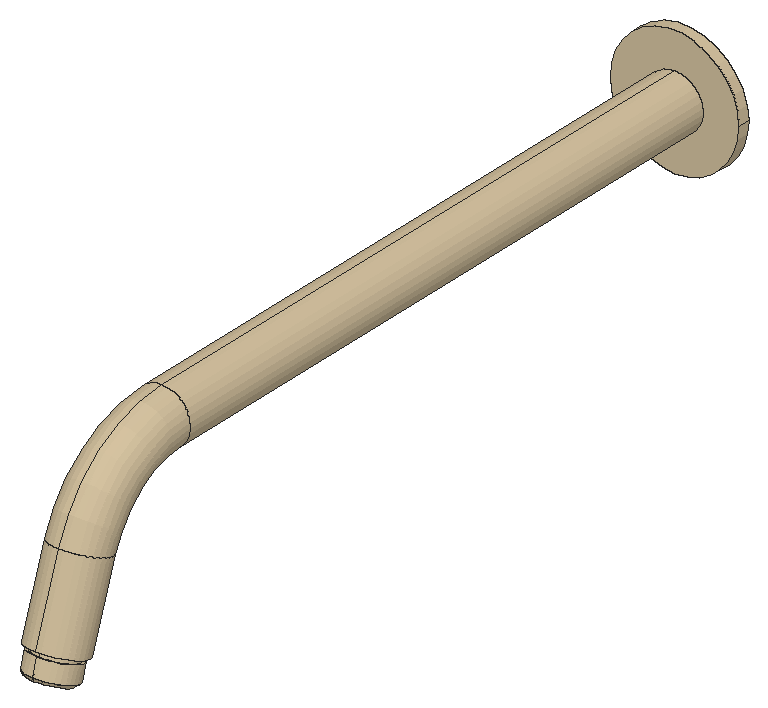
Revit family "Reece_Shower_Mizu_Drift_Shower Arm_Wall Straight", category Plumbing Fixtures, Revit 2018
Family settings
  Round Connector Dimension = Use Diameter
  Part Type = Normal
  Work Plane-Based = Yes
  Always vertical = Yes
  Cut with Voids When Loaded = Yes
  Shared = Yes
  Room Calculation Point = Yes
Parameters (values of type "Brushed Brass")
  URL = "https://www.reece.com.au/product/-9512418"
  Type Comments = "Shower"
  Reece_Shower_Inlet = 12 mm  # constant formula
  Reece_Product_Web Page = "https://www.reece.com.au/product/-9512418"
  Reece_Product_Type = "Shower"  # constant formula
  Reece_Product_Sub Brand = "Drift"  # constant formula
  Reece_Product_Number = "9512418"
  Reece_Product_Mount = "Wall Mounted"
  Reece_Product_Description = "Mizu Drift Wall Straight Shower Arm Only Brushed Brass"
  Reece_Product_Brand = "Mizu"  # constant formula
  Reece_Overall_Width = 55 mm  # constant formula
  Reece_Overall_Length = 340 mm  # constant formula
  Reece_Material_Main = Reece_Brass_Brushed
  Reece_Height_From_Level [instance] = 1200 mm
  Reece_Detail_Disclaimer = "THIS FILE IS THE PROPERTY OF THE REECE GROUP. IT MAY NOT BE REPRODUCED, REVERSE-ENGINEERED, OR MODIFIED. ANY REPUBLICATION, TRANSMISSION, OR DISTRIBUTION FOR THE PURPOSE OF COMMERCIALLY EXPLOITING THE FILES IS PROHIBITED."  # constant formula
  Reece_Detail_Additional = "Wall Straight"  # constant formula
  Model = "Drift"
  Manufacturer = "Mizu"
  Keynote = "Product #9512418, Reece_Shower_Mizu_Drift_Shower Arm_Wall Straight - Brushed Brass"
  Disclaimer = "THIS FILE IS THE PROPERTY OF THE REECE GROUP. IT MAY NOT BE REPRODUCED, REVERSE-ENGINEERED, OR MODIFIED. ANY REPUBLICATION, TRANSMISSION, OR DISTRIBUTION FOR THE PURPOSE OF COMMERCIALLY EXPLOITING THE FILES IS PROHIBITED."  # constant formula
  Description = "Mizu Drift Wall Straight Shower Arm Only Brushed Brass"
  Default Elevation = 1000 mm
Types (4, lengths in mm): name | URL | Reece_Product_Web Page | Reece_Product_Number | Reece_Product_Description | Reece_Material_Main | Keynote | Description
  Brushed Nickel | "https://www.reece.com.au/product/-9508184" | "https://www.reece.com.au/product/-9508184" | "9508184" | "Mizu Drift Wall Straight Shower Arm Only Brushed Nickel" | Reece_Brass_Brushed Nickel | "Product #9508184, Reece_Shower_Mizu_Drift_Shower Arm_Wall Straight - Brushed Nickel" | "Mizu Drift Wall Straight Shower Arm Only Brushed Nickel"
  Chrome | "https://www.reece.com.au/product/-9503826" | "https://www.reece.com.au/product/-9503826" | "9503826" | "Mizu Drift Wall Straight Shower Arm Only Chrome" | Reece_Brass_Chrome | "Product #9503826, Reece_Shower_Mizu_Drift_Shower Arm_Wall Straight - Chrome" | "Mizu Drift Wall Straight Shower Arm Only Chrome"
  Matte Black | "https://www.reece.com.au/product/-9505343" | "https://www.reece.com.au/product/-9505343" | "9505343" | "Mizu Drift Wall Straight Shower Arm Only Matte Black" | Reece_Brass_Matte Black | "Product #9505343, Reece_Shower_Mizu_Drift_Shower Arm_Wall Straight - Matte Black" | "Mizu Drift Wall Straight Shower Arm Only Matte Black"
  Brushed Brass | "https://www.reece.com.au/product/-9512418" | "https://www.reece.com.au/product/-9512418" | "9512418" | "Mizu Drift Wall Straight Shower Arm Only Brushed Brass" | Reece_Brass_Brushed | "Product #9512418, Reece_Shower_Mizu_Drift_Shower Arm_Wall Straight - Brushed Brass" | "Mizu Drift Wall Straight Shower Arm Only Brushed Brass"
Reference planes
  plane 1 "Center (Front/Back)": y = 0
  plane 2 "Height From Floor": z = 1200
  plane 3 "Center (Left/Right)": x = 0
  plane 4 "Bottom Of Invisible Line": z = -5
  plane 5: y = -340
  plane 6: x = -30
  plane 7: x = 25
Lines and regions (mm)
  model lines, style "InvisibleLines"
    curve 1: line (0, 0, -5) -> (0, 0, 1200)
Text (mm)
  text "Reece ©" at (2872.125, -2467.302, 2677.385), in view "Reece Preview"
  text "Reece ©" at (353.128, -531.372, -1020.679), in view "Ref. Level"
Dimensions and locks
  locked: level to plane 4 "Bottom Of Invisible Line" at 5
  "Reece_Height_From_Level": plane 2 "Height From Floor" to level
  "Reece_Overall_Length": plane 1 "Center (Front/Back)" to plane 5
  "Reece_Overall_Width": plane 7 to plane 6
  level to plane 2 "Height From Floor" = 1200 mm
  aligned and locked: plane 2 "Height From Floor" to curve 1
  aligned and locked: plane 4 "Bottom Of Invisible Line" to curve 1
  aligned and locked: plane 3 "Center (Left/Right)" to curve 1
  aligned and locked: nested 1 to plane 2 "Height From Floor"
Nested families
  nested 1: "Reece_Shower_Mizu_Drift_Shower Arm_Wall Straight_Nested" at (0, 0, 1200) x (1, 0, 0) z (0, -1, 0), Reece_Material_Main <- "Reece_Material_Main", type "Chrome"
    with Reece_Material_Main Reece_Brass_Brushed
Connectors
  piping at (0, 0, 1200), diameter 12, driven by "Reece_Shower_Inlet"
    settings: on nested 1, index 1, connector inside diameter 609.6 mm, connector length 0 mm, flow factor 0, pipe flow 0.0 L/s, pressure drop 0.0 Pa, fitting loss kfactor 0, connector angle 0.00°, fixture units 0, engagement length 0 mm, angle of deflection 0.00°, flow configuration 0, flow direction 1, fitting loss method 0, system type 29, joint type 0, gender type 0, connector reference index -1, connector utility 0, adjustable connector no, is connector primary yes, connector description ""
Definition of nested family "Reece_Shower_Mizu_Drift_Shower Arm_Wall Straight_Nested"
  Parameters (values of type "Chrome")
    WFU = 0  # constant formula
    Reece_Tap_Inlet = 12 mm  # constant formula
    Reece_Overall_Width = 55 mm  # constant formula
    Reece_Overall_Length = 340 mm  # constant formula
    Reece_Overall_Height = 75 mm
    Reece_Material_Main [instance] = none
    HWFU = 0  # constant formula
    Default Elevation = 1000 mm
    CWFU = 0  # constant formula
  Reference planes
    plane 1 "Center (Front/Back)": y = 0
    plane 2: z = 0
    plane 3 "Center (Left/Right)": x = 0
    plane 4: through (0, -75.198, 340.072) normal (0, -0.342, -0.9397)
    plane 5: z = 340
    plane 6: x = -27.5
    plane 7: x = 27.5
    plane 8: y = -75
  Forms (mm)
    Extrusion 1, solid
      sketch origin (619.2, -619.2, 0) x (1, 0, 0) y (0, 1, 0)
        loop
          line (-714.004, 715.618) -> (-714.004, 527.891) -> (-529.957, 527.891) -> (-529.957, 715.618) -> (-714.004, 715.618)
      from 0 to -30
    Extrusion 2, solid, material <- "Reece_Material_Main"
      sketch origin (0, 0, 0) x (1, 0, 0) y (0, 1, 0)
        loop
          circle (0, 0) r 27.5
      from 0 to 5
    Sweep 3, solid, material <- "Reece_Material_Main"
      path origin (0, 0, 0) x (0, 1, 0) y (0, 0, 1)
        loop
          line (0, 5) -> (0, 279.792)
          arc (0, 279.792) -> (-8.5, 306.751) -> (-30.925, 323.958) r 47
          line (-30.925, 323.958) -> (-65.007, 336.363)
      profile origin (0, 0, 5) x (0, -1, 0) y (1, 0, 0)
        loop
          circle (0, 0) r 12
    Revolve 4, solid, material <- "Reece_Material_Main"
      sketch origin (0, 463.398, 238.433) x (0, 0.34202, 0.939693) y (0, -0.939693, 0.34202)
        loop
          line (-88.702, 540.667) -> (-88.702, 530.033) -> (-79.62, 530.033) -> (-79.62, 532.038) -> (-78.202, 532.038) -> (-78.202, 539.344) -> (-79.524, 540.667) -> (-88.702, 540.667)
        axis (-88.702, 540.667) -> (-88.702, 530.033)
      angle from 0 to 360
  Cuts and joins
    joined: Extrusion 2, Sweep 3, Revolve 4
  Text (mm)
    text "Reece Copyright © 2018, Reece Ltd." at (-378.57, -123.478, 0), in view "Ref. Level"
    text "Reece ©" at (408.528, -766.776, 506.903), in view "Reece_Preview"
  Dimensions and locks
    "Reece_Overall_Length": plane 5 to level
    equal spacing: plane 6, plane 3 "Center (Left/Right)", plane 7
    "Reece_Overall_Width": plane 6 to plane 7
    "Reece_Overall_Height": plane 1 "Center (Front/Back)" to plane 8
    angle plane 4 to plane 5 = 20.00°
    angle plane 1 "Center (Front/Back)" to plane 4 = 110.00°
    aligned and locked: plane 2 to Extrusion 1
    aligned and locked: level to Extrusion 1
    aligned and locked: Extrusion 2 to plane 2
  Automatic sketch dimensions
    Extrusion 1 sketch curve to Extrusion 1 sketch curve = 184.047 mm
    Extrusion 1 sketch curve to Extrusion 1 sketch curve = 187.727 mm
    plane 1 "Center (Front/Back)" to Extrusion 2 sketch curve = 0 mm
    Extrusion 2 sketch curve to plane 3 "Center (Left/Right)" = 0 mm
    Sweep 3 sketch curve to plane 3 "Center (Left/Right)" = 0 mm
    Sweep 3 sketch curve to profile plane = 0 mm
    plane 4 to Sweep 3 sketch curve = 0 mm  (x2)
    Sweep 3 sketch curve to plane 1 "Center (Front/Back)" = 0 mm
    Sweep 3 sketch curve to plane 5 = 16.042 mm
    Sweep 3 sketch curve to plane 5 = 3.637 mm
    level to Sweep 3 sketch curve = 5 mm
    Revolve 4 sketch curve to plane 4 = 0 mm
    plane 4 to Revolve 4 sketch curve = 0 mm
    Revolve 4 sketch curve to plane 5 = 0 mm
    Revolve 4 sketch curve to plane 4 = 9.082 mm
    Revolve 4 sketch curve to Revolve 4 sketch curve = 0.096 mm
    Revolve 4 sketch curve to Revolve 4 sketch curve = 1.322 mm  (x2)
    Revolve 4 sketch curve to Revolve 4 sketch curve = 7.307 mm
    Revolve 4 sketch curve to Revolve 4 sketch curve = 2.005 mm
    Revolve 4 sketch curve to Revolve 4 sketch curve = 126.316 mm
    Revolve 4 sketch curve to Revolve 4 sketch curve = 160.641 mm
    plane 8 to Sweep 3 sketch curve = 28 mm
    radius of Extrusion 2 sketch curve = 27.5 mm
    radius of Sweep 3 sketch curve = 12 mm
